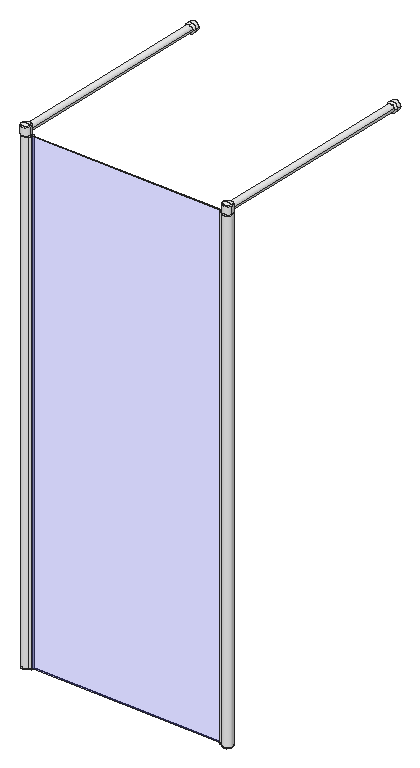
Revit family "FUS2", category Plumbing Fixtures, Revit 2015
Parameters (values of type "900")
  URL = "http://www.sanswiss.com/"
  Type Comments = "WALK IN FUN"
  Seal = Seal
  Model = "FUS2"
  Manufacturer = "SanSwiss"
  Glass = Glass
  Chrome = Chrome - Polished
  Aluminium = Aluminum - Polished
  X = 888 mm
Types (8, lengths in mm): name | X
  (no name) | 888
  1200 | 1188
  1400 | 1388
  1600 | 1588
  900 | 888
  1000 | 988
  700 | 688
  800 | 788
Reference planes
  plane 1 "Center (Front/Back)": y = 0
  plane 2: z = 0
  plane 3 "Center (Left/Right)": x = 0
  plane 4 "back": y = 900
  plane 5 "left": x = -888
  plane 6 "stabiliser": y = 23.011
  plane 7: x = -444
  plane 8: x = -2.86
  plane 9: x = -1185.14
Forms (mm)
  Sweep 1, solid, material "Chrome - Polished" <- "Chrome"
    path origin (0, 0, 0) x (1, 0, 0) y (0, 0, 1)
      loop
        line (0, 1998.3) -> (0, 2002.6)
    profile origin (0, 0, 2000.45) x (-1, 0, 0) y (0, -1, 0)
      loop
        circle (21.303, -21.498) r 15
      loop
        line (50.303, -25.287) -> (50.303, -17.698)
        arc (50.303, -17.698) -> (50.065, -17.124) -> (49.492, -16.887) r 0.811
        line (49.492, -16.887) -> (45.768, -16.887)
        arc (45.768, -16.887) -> (40.843, -15.59) -> (37.197, -12.035) r 9.996
        arc (37.197, -12.035) -> (2.867, -22.031) -> (37.672, -30.221) r 18.486
        arc (37.672, -30.221) -> (41.23, -27.185) -> (45.779, -26.098) r 10.007
        line (45.779, -26.098) -> (49.492, -26.098)
        arc (49.492, -26.098) -> (50.066, -25.861) -> (50.303, -25.287) r 0.811
  Sweep 2, solid, material "Aluminum - Polished" <- "Aluminium"
    path origin (0, 0, 0) x (1, 0, 0) y (0, 0, 1)
      loop
        line (0, 1998.3) -> (0, 4.3)
    profile origin (0, 0, 1001.3) x (0, -1, 0) y (1, 0, 0)
      loop
        arc (-26.098, -49.497) -> (-25.292, -50.303) -> (-24.487, -49.497) r 0.806
        line (-24.487, -49.497) -> (-25.098, -48.624) -> (-24.609, -47.925) -> (-25.098, -47.225) -> (-24.577, -46.604) -> (-25.098, -45.86) -> (-24.59, -45.254) -> (-25.112, -42.797) -> (-17.813, -42.797) -> (-18.487, -45.309) -> (-17.898, -45.898) -> (-18.372, -46.575) -> (-17.898, -47.252) -> (-18.359, -47.909) -> (-17.898, -48.567) -> (-18.487, -49.509)
        arc (-18.487, -49.509) -> (-17.687, -50.309) -> (-16.887, -49.509) r 0.8
        line (-16.887, -49.509) -> (-16.887, -45.773)
        arc (-16.887, -45.773) -> (-15.59, -40.849) -> (-12.035, -37.202) r 9.996
        arc (-12.035, -37.202) -> (-22.031, -2.872) -> (-30.221, -37.677) r 18.486
        arc (-30.221, -37.677) -> (-27.185, -41.235) -> (-26.098, -45.784) r 10.007
        line (-26.098, -45.784) -> (-26.098, -49.497)
  Sweep 3, solid, material "Chrome - Polished" <- "Chrome"
    path origin (0, 0, 0) x (1, 0, 0) y (0, 0, 1)
      loop
        line (0, 4.3) -> (0, 0)
    profile origin (0, 0, 2.15) x (0, -1, 0) y (1, 0, 0)
      loop
        circle (-21.493, -21.303) r 15.002
      loop
        arc (-30.221, -37.672) -> (-27.185, -41.23) -> (-26.098, -45.779) r 10.007
        line (-26.098, -45.779) -> (-26.098, -49.492)
        arc (-26.098, -49.492) -> (-25.861, -50.066) -> (-25.287, -50.303) r 0.811
        line (-25.287, -50.303) -> (-17.698, -50.303)
        arc (-17.698, -50.303) -> (-17.124, -50.065) -> (-16.887, -49.492) r 0.811
        line (-16.887, -49.492) -> (-16.887, -45.768)
        arc (-16.887, -45.768) -> (-15.59, -40.843) -> (-12.035, -37.197) r 9.996
        arc (-12.035, -37.197) -> (-22.031, -2.867) -> (-30.221, -37.672) r 18.486
  Extrusion 4, solid, material "Glass" <- "Glass"
    sketch origin (0, -1.502, 0) x (1, 0, 0) y (0, 1, 0)
      loop
        line (-42.797, 26) -> (-850.6, 26) -> (-850.6, 20) -> (-42.797, 20) -> (-42.797, 26)
    from 1.5 to 2000.5
  Sweep 5, solid, material "Chrome - Polished" <- "Chrome"
    path origin (-1200, 0, 0) x (-1, 0, 0) y (0, 0, 1)
      loop
        line (-312, 1998.3) -> (-312, 2002.6)
    profile origin (-888, 0, 2000.45) x (-1, 0, 0) y (0, -1, 0)
      loop
        circle (-21.303, -21.498) r 15
      loop
        arc (-50.303, -25.287) -> (-50.066, -25.861) -> (-49.492, -26.098) r 0.811
        line (-49.492, -26.098) -> (-45.779, -26.098)
        arc (-45.779, -26.098) -> (-41.23, -27.185) -> (-37.672, -30.221) r 10.007
        arc (-37.672, -30.221) -> (-2.867, -22.031) -> (-37.197, -12.035) r 18.486
        arc (-37.197, -12.035) -> (-40.843, -15.59) -> (-45.768, -16.887) r 9.996
        line (-45.768, -16.887) -> (-49.492, -16.887)
        arc (-49.492, -16.887) -> (-50.065, -17.124) -> (-50.303, -17.698) r 0.811
        line (-50.303, -17.698) -> (-50.303, -25.287)
  Sweep 6, solid, material "Aluminum - Polished" <- "Aluminium"
    path origin (-1200, 0, 0) x (-1, 0, 0) y (0, 0, 1)
      loop
        line (-312, 1998.3) -> (-312, 4.3)
    profile origin (-888, 0, 1001.3) x (0, -1, 0) y (1, 0, 0)
      loop
        line (-26.098, 49.497) -> (-26.098, 45.784)
        arc (-26.098, 45.784) -> (-27.185, 41.235) -> (-30.221, 37.677) r 10.007
        arc (-30.221, 37.677) -> (-22.031, 2.872) -> (-12.035, 37.202) r 18.486
        arc (-12.035, 37.202) -> (-15.59, 40.849) -> (-16.887, 45.773) r 9.996
        line (-16.887, 45.773) -> (-16.887, 49.509)
        arc (-16.887, 49.509) -> (-17.687, 50.309) -> (-18.487, 49.509) r 0.8
        line (-18.487, 49.509) -> (-17.898, 48.567) -> (-18.359, 47.909) -> (-17.898, 47.252) -> (-18.372, 46.575) -> (-17.898, 45.898) -> (-18.487, 45.309) -> (-17.813, 42.797) -> (-25.112, 42.797) -> (-24.59, 45.254) -> (-25.098, 45.86) -> (-24.577, 46.604) -> (-25.098, 47.225) -> (-24.609, 47.925) -> (-25.098, 48.624) -> (-24.487, 49.497)
        arc (-24.487, 49.497) -> (-25.292, 50.303) -> (-26.098, 49.497) r 0.806
  Sweep 7, solid, material "Chrome - Polished" <- "Chrome"
    path origin (-1200, 0, 0) x (-1, 0, 0) y (0, 0, 1)
      loop
        line (-312, 4.3) -> (-312, 0)
    profile origin (-888, 0, 2.15) x (0, -1, 0) y (1, 0, 0)
      loop
        circle (-21.493, 21.303) r 15.002
      loop
        arc (-30.221, 37.672) -> (-22.031, 2.867) -> (-12.035, 37.197) r 18.486
        arc (-12.035, 37.197) -> (-15.59, 40.843) -> (-16.887, 45.768) r 9.996
        line (-16.887, 45.768) -> (-16.887, 49.492)
        arc (-16.887, 49.492) -> (-17.124, 50.065) -> (-17.698, 50.303) r 0.811
        line (-17.698, 50.303) -> (-25.287, 50.303)
        arc (-25.287, 50.303) -> (-25.861, 50.066) -> (-26.098, 49.492) r 0.811
        line (-26.098, 49.492) -> (-26.098, 45.779)
        arc (-26.098, 45.779) -> (-27.185, 41.23) -> (-30.221, 37.672) r 10.007
Dimensions and locks
  plane 1 "Center (Front/Back)" to plane 4 "back" = 900 mm
  "X": plane 5 "left" to plane 3 "Center (Left/Right)"
  equal spacing: plane 5 "left", plane 7, plane 3 "Center (Left/Right)"
  locked: nested 2 to plane 5 "left" at 1.183
  plane 9 to plane 8 = 1182.279 mm
  aligned and locked: level to plane 2
Automatic sketch dimensions
  Sweep 1 sketch curve to plane 3 "Center (Left/Right)" = 0 mm
  level to Sweep 1 sketch curve = 1998.3 mm
  Sweep 1 sketch curve to Sweep 1 sketch curve = 4.3 mm
  Sweep 1 sketch curve to profile plane = 21.303 mm
  Sweep 1 sketch curve to Sweep 1 sketch curve = 0.044 mm
  Sweep 1 sketch curve to Sweep 1 sketch curve = 24.42 mm
  Sweep 1 sketch curve to plane 1 "Center (Front/Back)" = 6.891 mm
  Sweep 1 sketch curve to Sweep 1 sketch curve = 24.421 mm
  Sweep 1 sketch curve to Sweep 1 sketch curve = 0.011 mm
  Sweep 1 sketch curve to Sweep 1 sketch curve = 3.724 mm
  Sweep 1 sketch curve to Sweep 1 sketch curve = 3.713 mm
  Sweep 1 sketch curve to Sweep 1 sketch curve = 0.811 mm
  Sweep 1 sketch curve to Sweep 1 sketch curve = 9.996 mm
  Sweep 1 sketch curve to plane 1 "Center (Front/Back)" = 21.498 mm
  Sweep 1 sketch curve to Sweep 1 sketch curve = 0.05 mm
  Sweep 1 sketch curve to Sweep 1 sketch curve = 7.589 mm
  Sweep 1 sketch curve to Sweep 1 sketch curve = 10.007 mm
  Sweep 1 sketch curve to Sweep 1 sketch curve = 0 mm
  Sweep 2 sketch curve to plane 3 "Center (Left/Right)" = 0 mm
  level to Sweep 2 sketch curve = 4.3 mm
  Sweep 2 sketch curve to Sweep 2 sketch curve = 1994 mm
  Sweep 2 sketch curve to plane 1 "Center (Front/Back)" = 36.105 mm
  Sweep 2 sketch curve to Sweep 2 sketch curve = 10.007 mm
  Sweep 2 sketch curve to Sweep 2 sketch curve = 0.806 mm
  Sweep 2 sketch curve to Sweep 2 sketch curve = 0.986 mm
  Sweep 2 sketch curve to Sweep 2 sketch curve = 0.194 mm
  Sweep 2 sketch curve to Sweep 2 sketch curve = 0 mm  (x2)
  Sweep 2 sketch curve to Sweep 2 sketch curve = 1 mm
  Sweep 2 sketch curve to Sweep 2 sketch curve = 0.49 mm
  Sweep 2 sketch curve to Sweep 2 sketch curve = 0.509 mm
  Sweep 2 sketch curve to Sweep 2 sketch curve = 0.521 mm
  Sweep 2 sketch curve to plane 1 "Center (Front/Back)" = 21.548 mm
  Sweep 2 sketch curve to Sweep 2 sketch curve = 6.103 mm
  Sweep 2 sketch curve to Sweep 2 sketch curve = 0.115 mm
  Sweep 2 sketch curve to Sweep 2 sketch curve = 0.013 mm  (x2)
  Sweep 2 sketch curve to Sweep 2 sketch curve = 0.474 mm
  Sweep 2 sketch curve to Sweep 2 sketch curve = 0.461 mm  (x2)
  Sweep 2 sketch curve to Sweep 2 sketch curve = 0.673 mm
  Sweep 2 sketch curve to Sweep 2 sketch curve = 0.8 mm
  Sweep 2 sketch curve to Sweep 2 sketch curve = 1.011 mm
  Sweep 2 sketch curve to plane 1 "Center (Front/Back)" = 6.891 mm
  profile plane to Sweep 2 sketch curve = 49.509 mm
  Sweep 2 sketch curve to Sweep 2 sketch curve = 0.012 mm  (x2)
  Sweep 2 sketch curve to Sweep 2 sketch curve = 0.873 mm
  Sweep 2 sketch curve to Sweep 2 sketch curve = 0.942 mm
  Sweep 2 sketch curve to Sweep 2 sketch curve = 0.699 mm  (x2)
  Sweep 2 sketch curve to Sweep 2 sketch curve = 0.658 mm  (x2)
  Sweep 2 sketch curve to Sweep 2 sketch curve = 0.621 mm
  Sweep 2 sketch curve to Sweep 2 sketch curve = 0.677 mm  (x2)
  Sweep 2 sketch curve to Sweep 2 sketch curve = 0.744 mm
  Sweep 2 sketch curve to Sweep 2 sketch curve = 0.076 mm
  Sweep 2 sketch curve to Sweep 2 sketch curve = 3.736 mm
  Sweep 2 sketch curve to Sweep 2 sketch curve = 0.589 mm
  Sweep 2 sketch curve to Sweep 2 sketch curve = 0.606 mm
  Sweep 2 sketch curve to Sweep 2 sketch curve = 2.513 mm
  profile plane to Sweep 2 sketch curve = 21.352 mm
  Sweep 2 sketch curve to Sweep 2 sketch curve = 5.109 mm
  Sweep 3 sketch curve to level = 0 mm
  Sweep 3 sketch curve to plane 3 "Center (Left/Right)" = 0 mm
  level to Sweep 3 sketch curve = 4.3 mm
  Sweep 3 sketch curve to plane 1 "Center (Front/Back)" = 36.105 mm
  Sweep 3 sketch curve to Sweep 3 sketch curve = 10.007 mm
  Sweep 3 sketch curve to Sweep 3 sketch curve = 0.811 mm  (x2)
  Sweep 3 sketch curve to plane 1 "Center (Front/Back)" = 21.548 mm
  Sweep 3 sketch curve to Sweep 3 sketch curve = 0.055 mm
  Sweep 3 sketch curve to Sweep 3 sketch curve = 7.589 mm
  Sweep 3 sketch curve to plane 1 "Center (Front/Back)" = 6.891 mm
  profile plane to Sweep 3 sketch curve = 50.303 mm
  Sweep 3 sketch curve to Sweep 3 sketch curve = 3.713 mm
  Sweep 3 sketch curve to Sweep 3 sketch curve = 3.724 mm
  Sweep 3 sketch curve to Sweep 3 sketch curve = 0.013 mm
  profile plane to Sweep 3 sketch curve = 21.347 mm
  Sweep 3 sketch curve to Sweep 3 sketch curve = 0.044 mm
  Sweep 3 sketch curve to Sweep 3 sketch curve = 4.123 mm
  plane 6 "stabiliser" to Extrusion 4 sketch curve = 1.487 mm
  plane 5 "left" to Extrusion 4 sketch curve = 37.4 mm
  Extrusion 4 sketch curve to plane 6 "stabiliser" = 4.513 mm
  Extrusion 4 sketch curve to plane 3 "Center (Left/Right)" = 42.797 mm
  Sweep 5 sketch curve to plane 5 "left" = 0 mm
  Sweep 5 sketch curve to level = 1998.3 mm
  Sweep 5 sketch curve to Sweep 5 sketch curve = 4.3 mm
  profile plane to Sweep 5 sketch curve = 50.303 mm
  Sweep 5 sketch curve to Sweep 5 sketch curve = 0.811 mm  (x2)
  Sweep 5 sketch curve to Sweep 5 sketch curve = 3.713 mm
  Sweep 5 sketch curve to Sweep 5 sketch curve = 3.724 mm
  Sweep 5 sketch curve to Sweep 5 sketch curve = 0.013 mm
  profile plane to Sweep 5 sketch curve = 21.347 mm
  Sweep 5 sketch curve to Sweep 5 sketch curve = 0.044 mm
  Sweep 5 sketch curve to plane 1 "Center (Front/Back)" = 36.105 mm
  Sweep 5 sketch curve to Sweep 5 sketch curve = 10.007 mm
  Sweep 5 sketch curve to plane 1 "Center (Front/Back)" = 21.548 mm
  Sweep 5 sketch curve to Sweep 5 sketch curve = 0.05 mm
  Sweep 5 sketch curve to Sweep 5 sketch curve = 7.589 mm
  Sweep 5 sketch curve to plane 1 "Center (Front/Back)" = 6.891 mm
  Sweep 5 sketch curve to Sweep 5 sketch curve = 8.107 mm
  Sweep 6 sketch curve to plane 5 "left" = 0 mm
  Sweep 6 sketch curve to level = 4.3 mm
  Sweep 6 sketch curve to Sweep 6 sketch curve = 1994 mm
  Sweep 6 sketch curve to plane 1 "Center (Front/Back)" = 36.105 mm
  Sweep 6 sketch curve to Sweep 6 sketch curve = 10.007 mm
  Sweep 6 sketch curve to Sweep 6 sketch curve = 0.806 mm
  Sweep 6 sketch curve to Sweep 6 sketch curve = 0.986 mm
  Sweep 6 sketch curve to Sweep 6 sketch curve = 0.194 mm
  Sweep 6 sketch curve to Sweep 6 sketch curve = 0 mm  (x2)
  Sweep 6 sketch curve to Sweep 6 sketch curve = 1 mm
  Sweep 6 sketch curve to Sweep 6 sketch curve = 0.49 mm
  Sweep 6 sketch curve to Sweep 6 sketch curve = 0.509 mm
  Sweep 6 sketch curve to Sweep 6 sketch curve = 0.521 mm
  Sweep 6 sketch curve to plane 1 "Center (Front/Back)" = 21.548 mm
  Sweep 6 sketch curve to Sweep 6 sketch curve = 6.103 mm
  Sweep 6 sketch curve to Sweep 6 sketch curve = 0.115 mm
  Sweep 6 sketch curve to Sweep 6 sketch curve = 0.013 mm
  Sweep 6 sketch curve to Sweep 6 sketch curve = 0.474 mm
  Sweep 6 sketch curve to Sweep 6 sketch curve = 0.461 mm  (x2)
  Sweep 6 sketch curve to Sweep 6 sketch curve = 0.673 mm
  Sweep 6 sketch curve to Sweep 6 sketch curve = 0.8 mm
  Sweep 6 sketch curve to Sweep 6 sketch curve = 1.011 mm
  Sweep 6 sketch curve to plane 1 "Center (Front/Back)" = 6.891 mm
  Sweep 6 sketch curve to profile plane = 21.352 mm
  Sweep 6 sketch curve to Sweep 6 sketch curve = 21.445 mm
  Sweep 6 sketch curve to Sweep 6 sketch curve = 2.457 mm
  Sweep 6 sketch curve to Sweep 6 sketch curve = 2.513 mm
  Sweep 6 sketch curve to Sweep 6 sketch curve = 2.975 mm
  Sweep 6 sketch curve to Sweep 6 sketch curve = 2.976 mm
  Sweep 6 sketch curve to Sweep 6 sketch curve = 0.53 mm
  Sweep 6 sketch curve to Sweep 6 sketch curve = 0.606 mm
  Sweep 6 sketch curve to Sweep 6 sketch curve = 0.589 mm
  Sweep 6 sketch curve to Sweep 6 sketch curve = 0.677 mm  (x2)
  Sweep 6 sketch curve to Sweep 6 sketch curve = 0.744 mm
  Sweep 6 sketch curve to Sweep 6 sketch curve = 0.621 mm
  Sweep 6 sketch curve to Sweep 6 sketch curve = 0.658 mm  (x2)
  Sweep 6 sketch curve to Sweep 6 sketch curve = 0.699 mm  (x2)
  Sweep 6 sketch curve to Sweep 6 sketch curve = 0.873 mm
  Sweep 6 sketch curve to Sweep 6 sketch curve = 0.942 mm
  Sweep 6 sketch curve to Sweep 6 sketch curve = 5.109 mm
  Sweep 6 sketch curve to Sweep 6 sketch curve = 0.012 mm
  Sweep 7 sketch curve to level = 0 mm
  Sweep 7 sketch curve to plane 5 "left" = 0 mm
  Sweep 7 sketch curve to level = 4.3 mm
  Sweep 7 sketch curve to plane 1 "Center (Front/Back)" = 36.105 mm
  Sweep 7 sketch curve to Sweep 7 sketch curve = 10.007 mm
  Sweep 7 sketch curve to Sweep 7 sketch curve = 0.811 mm  (x2)
  Sweep 7 sketch curve to plane 1 "Center (Front/Back)" = 21.548 mm
  Sweep 7 sketch curve to Sweep 7 sketch curve = 0.055 mm
  Sweep 7 sketch curve to Sweep 7 sketch curve = 7.589 mm
  Sweep 7 sketch curve to plane 1 "Center (Front/Back)" = 6.891 mm
  Sweep 7 sketch curve to profile plane = 21.303 mm
  Sweep 7 sketch curve to Sweep 7 sketch curve = 0.044 mm
  Sweep 7 sketch curve to Sweep 7 sketch curve = 24.42 mm
  Sweep 7 sketch curve to Sweep 7 sketch curve = 0.001 mm
  Sweep 7 sketch curve to Sweep 7 sketch curve = 0.011 mm
  Sweep 7 sketch curve to Sweep 7 sketch curve = 3.724 mm
  Sweep 7 sketch curve to Sweep 7 sketch curve = 4.123 mm
  radius of Sweep 1 sketch curve = 15 mm
  radius of Sweep 3 sketch curve = 15.002 mm
  radius of Sweep 5 sketch curve = 15 mm
  radius of Sweep 7 sketch curve = 15.002 mm
Nested families
  nested 1: "stabiliser" at (1.183, 1.374, 0), type "stabiliser"
    with length 900 mm
  nested 2: "stabiliser" at (-889.183, 1.374, 0) x (-1, 0, 0) z (0, 0, 1), type "stabiliser"
    with length 900 mm
Definition of nested family "stabiliser"
  Parameters (values of type "stabiliser")
    Chrome = none
    Aluminium = none
    length [instance] = 900 mm
    URL = "http://www.sanswiss.com/"
    Type Comments = ""
    Model = ""
    Manufacturer = "SanSwiss"
  Reference planes
    plane 1 "Center (Front/Back)": y = 0
    plane 2: z = 0
    plane 3 "Center (Left/Right)": x = 0
    plane 4 "Back": y = 900
    plane 5 "Left": x = -1200
    plane 6 "bar back": y = 875
    plane 7 "stabiliser axis": z = 2018.156
    plane 8 "sttt": y = 20.175
  Forms (mm)
    Revolve 1, solid, material <- "Chrome"
      sketch origin (0, 0, 2018.156) x (0, -1, 0) y (1, 0, 0)
        loop
          line (-900, -22.663) -> (-875, -22.663) -> (-875, -7.833)
          arc (-875, -7.833) -> (-878.58, -4.435) -> (-883.359, -3.2) r 9.857
          line (-883.359, -3.2) -> (-900, -3.2) -> (-900, -22.663)
        axis (-875, -22.663) -> (-900, -22.663)
      angle from 0 to 360
    Extrusion 2, solid, material <- "Aluminium"
      sketch origin (0, 346, 0) x (1, 0, 0) y (0, 0, 1)
        loop
          circle (-22.619, 2018.156) r 13.658
      from -529 to 321.225
    Revolve 3, solid, material <- "Chrome"
      sketch origin (-45.162, 20.175, 0.011) x (-1, 0, 0) y (0, 0, 1)
        loop
          line (-22.619, 2002.6) -> (-4.119, 2002.6) -> (-4.119, 2033.679)
          arc (-4.119, 2033.679) -> (-4.481, 2034.825) -> (-5.434, 2035.557) r 1.999
          arc (-5.434, 2035.557) -> (-13.894, 2037.811) -> (-22.619, 2038.537) r 49.432
          line (-22.619, 2038.537) -> (-22.619, 2002.6)
        axis (-22.619, 2038.537) -> (-22.619, 2002.6)
      angle from 0 to 360
    Extrusion 4, void
      sketch origin (900, 0, 0) x (0, 1, 0) y (0, 0, 1)
        loop
          arc (38.658, 2032.768) -> (32.697, 2019.083) -> (38.658, 2005.399) r 18.688
          line (38.658, 2005.399) -> (38.658, 2032.768)
      from -1950 to 10
  Cuts and joins
    Extrusion 4 cuts Revolve 3
  Dimensions and locks
    "length": plane 4 "Back" to plane 1 "Center (Front/Back)"
    locked: plane 4 "Back" to plane 6 "bar back" at 25
    aligned and locked: level to plane 2
  Automatic sketch dimensions
    Revolve 1 sketch curve to plane 4 "Back" = 0 mm  (x2)
    plane 6 "bar back" to Revolve 1 sketch curve = 0 mm  (x2)
    Revolve 1 sketch curve to plane 3 "Center (Left/Right)" = 3.2 mm
    Revolve 1 sketch curve to plane 6 "bar back" = 8.359 mm
    Revolve 1 sketch curve to plane 3 "Center (Left/Right)" = 7.833 mm
    Revolve 1 sketch curve to Revolve 1 sketch curve = 9.607 mm
    Revolve 1 sketch curve to Revolve 1 sketch curve = 0 mm
    Extrusion 2 sketch curve to plane 7 "stabiliser axis" = 0 mm
    Extrusion 2 sketch curve to plane 3 "Center (Left/Right)" = 22.619 mm
    Revolve 3 sketch curve to plane 3 "Center (Left/Right)" = 22.543 mm
    Revolve 3 sketch curve to Revolve 3 sketch curve = 0.278 mm
    Revolve 3 sketch curve to plane 3 "Center (Left/Right)" = 39.044 mm
    Revolve 3 sketch curve to plane 3 "Center (Left/Right)" = 41.043 mm
    Revolve 3 sketch curve to plane 7 "stabiliser axis" = 29.039 mm
    Revolve 3 sketch curve to Revolve 3 sketch curve = 13.494 mm
    plane 7 "stabiliser axis" to Revolve 3 sketch curve = 15.534 mm
    Revolve 3 sketch curve to Revolve 3 sketch curve = 4.858 mm
    Revolve 3 sketch curve to Revolve 3 sketch curve = 0 mm  (x3)
    plane 7 "stabiliser axis" to Extrusion 4 sketch curve = 0.927 mm
    plane 8 "sttt" to Extrusion 4 sketch curve = 31.21 mm
    plane 8 "sttt" to Extrusion 4 sketch curve = 18.483 mm
    Extrusion 4 sketch curve to plane 7 "stabiliser axis" = 12.757 mm
    radius of Extrusion 2 sketch curve = 13.658 mm
